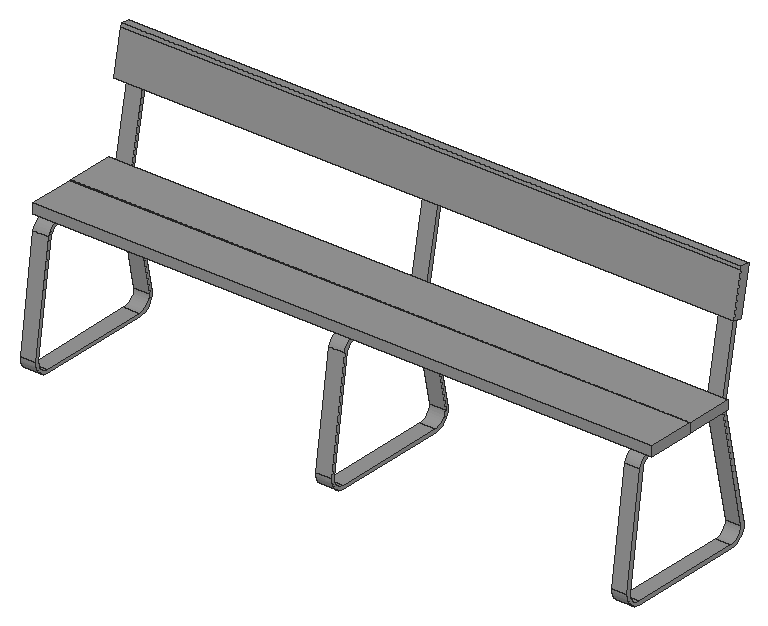
Revit family "9467 Скамейка стальная «Колледж» Хоббика", category Антураж, Revit 2018
Family settings
  На основе рабочей плоскости = Нет
  Всегда вертикально = Да
  При загрузке вырезать с полостями = Нет
  Источник визуального образа = Геометрия семейства
  Общий = Нет
  Точка расчета площади = Нет
Parameters (values of type "Версия 2,0 м (3 опоры)")
  Ширина = 470 mm  # constant formula
  Цвет опор = Сталь
  Цвет лавки = Дерево
  Средняя опора = or([Версия 2,0 м (3 опоры)], [Версия 2,5 м (3 опоры)], [Версия 3,0 м (3 опоры)])  # yes
  Описание = if([Версия 1,2 м], "Скамейка стальная «Колледж». Версия 1,2 м", if([Версия 1,5 м], "Скамейка стальная «Колледж». Версия 1,5 м", if([Версия 1,8 м], "Скамейка стальная «Колледж». Версия 1,8 м", if([Версия 2,0 м (3 опоры)], "Скамейка стальная «Колледж». Версия 2,0 м (3 опоры)", if([Версия 2,5 м (3 опоры)], "Скамейка стальная «Колледж». Версия 2,5 м (3 опоры)", "Скамейка стальная «Колледж». Версия 3,0 м (3 опоры)")))))  # "Скамейка стальная «Колледж». Версия 2,0 м (3 опоры)"
  Материал изделия = "Сталь, дерево"  # constant formula
  Изображение типоразмера = Скамейка стальная «Колледж» Арт 9467.jpg
  Изготовитель = "ООО «Хоббика»"  # constant formula
  Длина = if([Версия 1,2 м], 1200 mm, if([Версия 1,5 м], 1500 mm, if([Версия 1,8 м], 1800 mm, if([Версия 2,0 м (3 опоры)], 2000 mm, if([Версия 2,5 м (3 опоры)], 2500 mm, 3000 mm)))))  # 2000 mm
  Группа модели = "Скамейки"  # constant formula
  Высота = 820 mm  # constant formula
  Версия 3,0 м (3 опоры) = no
  Версия 2,5 м (3 опоры) = no
  Версия 2,0 м (3 опоры) = yes
  Версия 1,8 м = no
  Версия 1,5 м = no
  Версия 1,2 м = no
  Артикул товара = "Арт. 9467"  # constant formula
  URL = "https://hobbyka.ru/product/skameyka_ulichnaya_kolledzh/"
Types (7, lengths in mm): name | Средняя опора | Описание | Длина | Версия 3,0 м (3 опоры) | Версия 2,5 м (3 опоры) | Версия 2,0 м (3 опоры) | Версия 1,8 м | Версия 1,5 м | Версия 1,2 м
  (no name) | yes | "Скамейка стальная «Колледж». Версия 2,0 м (3 опоры)" | 2000 | no | no | yes | no | no | no
  Версия 1,2 м | no | "Скамейка стальная «Колледж». Версия 1,2 м" | 1200 | no | no | no | no | no | yes
  Версия 1,5 м | no | "Скамейка стальная «Колледж». Версия 1,5 м" | 1500 | no | no | no | no | yes | no
  Версия 1,8 м | no | "Скамейка стальная «Колледж». Версия 1,8 м" | 1800 | no | no | no | yes | no | no
  Версия 2,0 м (3 опоры) | yes | "Скамейка стальная «Колледж». Версия 2,0 м (3 опоры)" | 2000 | no | no | yes | no | no | no
  Версия 2,5 м (3 опоры) | yes | "Скамейка стальная «Колледж». Версия 2,5 м (3 опоры)" | 2500 | no | yes | no | no | no | no
  Версия 3,0 м (3 опоры) | yes | "Скамейка стальная «Колледж». Версия 3,0 м (3 опоры)" | 3000 | yes | no | no | no | no | no
Reference planes
  plane 1 "По центру (Вперед/Назад)": y = 0
  plane 2: z = 0
  plane 3 "По центру (Влево/Вправо)": x = 0
  plane 4: x = 2000
  plane 5: x = 45
  plane 6: x = 1955
  plane 7: y = 470
  plane 8: z = 820
Forms (mm)
  Extrusion 1, solid, material "Дерево" <- "Цвет лавки"
    sketch origin (0, 0, 0) x (0, 1, 0) y (0, 0, 1)
      loop
        line (433.228, 667.038) -> (464.189, 813.808) -> (434.835, 820) -> (432.326, 808.107) -> (403.874, 673.23) -> (433.228, 667.038)
      loop
        line (381.191, 424.84) -> (381.191, 454.84) -> (231.191, 454.84) -> (231.191, 424.84) -> (381.191, 424.84)
      loop
        line (226.191, 424.84) -> (226.191, 454.84) -> (76.191, 454.84) -> (76.191, 424.84) -> (226.191, 424.84)
    from 0 to 2000
Dimensions and locks
  "Ширина": plane 7 to plane 1 "По центру (Вперед/Назад)"
  "Длина": plane 3 "По центру (Влево/Вправо)" to plane 4
  locked: plane 3 "По центру (Влево/Вправо)" to plane 5 at 45
  locked: plane 6 to plane 4 at 45
  plane 5 to plane 6 = 1910 mm
  "Высота": plane 8 to plane 2
  equal spacing: plane 3 "По центру (Влево/Вправо)", nested 3, plane 4
  aligned and locked: level to plane 2
  aligned and locked: plane 5 to nested 1
  aligned and locked: plane 6 to nested 2
  aligned and locked: Extrusion 1 to plane 3 "По центру (Влево/Вправо)"
  aligned and locked: plane 4 to Extrusion 1
Automatic sketch dimensions
  Extrusion 1 sketch curve to plane 8 = 0 mm
  Extrusion 1 sketch curve to plane 1 "По центру (Вперед/Назад)" = 76.191 mm
  Extrusion 1 sketch curve to Extrusion 1 sketch curve = 150 mm
  Extrusion 1 sketch curve to Extrusion 1 sketch curve = 5 mm
  Extrusion 1 sketch curve to plane 7 = 88.809 mm
  Extrusion 1 sketch curve to plane 7 = 66.126 mm
  Extrusion 1 sketch curve to Extrusion 1 sketch curve = 29.354 mm
  Extrusion 1 sketch curve to Extrusion 1 sketch curve = 218.39 mm
  Extrusion 1 sketch curve to Extrusion 1 sketch curve = 0 mm
  Extrusion 1 sketch curve to Extrusion 1 sketch curve = 30 mm  (x2)
  Extrusion 1 sketch curve to plane 7 = 5.811 mm
  Extrusion 1 sketch curve to plane 8 = 6.192 mm
  Extrusion 1 sketch curve to plane 8 = 11.893 mm
Nested families
  nested 1: "Скамейка стальная «Колледж» Арт 9467 опора" at (45, 0, 0), type "Скамейка стальная «Колледж» Арт 9467 опора"
  nested 2: "Скамейка стальная «Колледж» Арт 9467 опора" at (1955, 0, 0), type "Скамейка стальная «Колледж» Арт 9467 опора"
  nested 3: "Скамейка стальная «Колледж» Арт 9467 опора" at (1000, 0, 0), type "Скамейка стальная «Колледж» Арт 9467 опора"
Definition of nested family "Скамейка стальная «Колледж» Арт 9467 опора"
  Parameters (values of type "Скамейка стальная «Колледж» Арт 9467 опора")
    Цвет опоры = none
    Height = 0 mm
  Reference planes
    plane 1 "По центру (Вперед/Назад)": y = 0
    plane 2: z = 0
    plane 3 "По центру (Влево/Вправо)": x = 0
    plane 4: z = 815
    plane 5: y = 470
  Forms (mm)
    Extrusion 1, solid, material <- "Цвет опоры"
      sketch origin (0, 0, 0) x (0, 1, 0) y (0, 0, 1)
        loop
          line (470.442, 795) -> (460.657, 797.064) -> (382.171, 425) -> (95, 425)
          arc (95, 425) -> (68.394, 416.242) -> (52.192, 393.394) r 44.794
          line (52.192, 393.394) -> (0.495, 50)
          arc (0.495, 50) -> (15.14, 14.645) -> (50.495, 0) r 50
          line (50.495, 0) -> (420, 0)
          arc (420, 0) -> (455.355, 14.645) -> (470, 50) r 50
          line (470, 50) -> (392.391, 425) -> (470.442, 795)
        loop
          line (384.249, 415) -> (95, 415)
          arc (95, 415) -> (74.617, 408.404) -> (61.962, 391.118) r 34.794
          line (61.962, 391.118) -> (10.502, 49.293)
          arc (10.502, 49.293) -> (22.462, 21.467) -> (50.495, 10) r 40
          line (50.495, 10) -> (420, 10)
          arc (420, 10) -> (447.94, 21.376) -> (459.988, 49.033) r 40
          line (459.988, 49.033) -> (384.249, 415)
      from -25 to 25
  Dimensions and locks
    aligned and locked: level to plane 2
